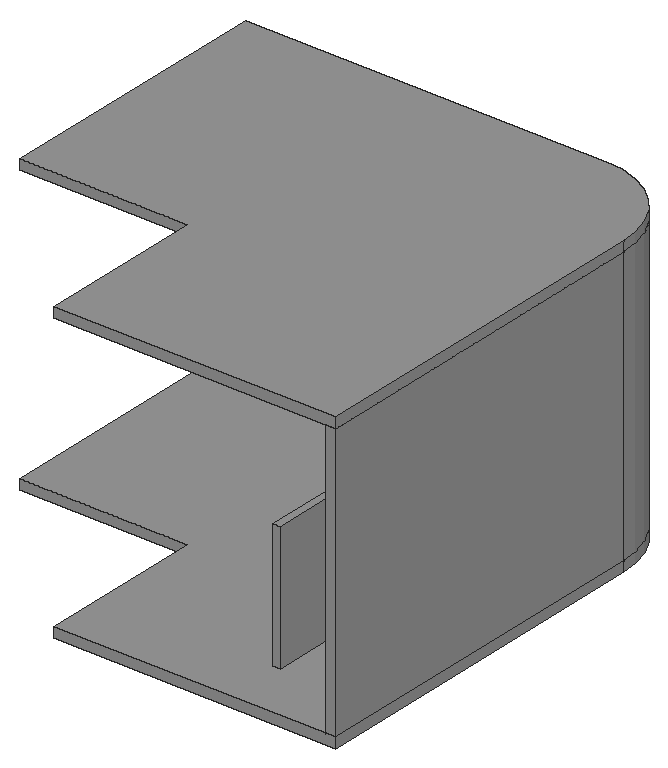
Revit family "Außeneckhaube WDK HA60060RW", category Generic Models, Revit 2017
Family settings
  Can host rebar = No
  Round Connector Dimension = Use Diameter
  Part Type = Normal
  Work Plane-Based = No
  Always vertical = Yes
  Cut with Voids When Loaded = No
  Shared = No
  Room Calculation Point = No
Parameters (values of type "WDK HA60060RW")
  Width = 60 mm
  URL = "http://www.obo-bettermann.com"
  Material = Polyvinylchlorid
  Manufacturer Art.No. = "6192319"
  Manufacturer = "OBO BETTERMANN"
  Height = 60 mm
  GTIN = "4012196360970"
  Article Type = "WDK HA60060RW"
Reference planes
  plane 1 "Center (Front/Back)": y = 0
  plane 2: z = 0
  plane 3 "Center (Left/Right)": x = 0
  plane 4: y = 100
  plane 5: x = 100
  plane 6: z = 65.9
  plane 7: z = 63.7
  plane 8: z = 32.9
  plane 9: y = 100
  plane 10: x = 100
  plane 11: y = 95.8
  plane 12: x = 7
  plane 13: x = -18.023
  plane 14: x = -10
  plane 15: z = 47.05
  plane 16: z = 18.75
  plane 17: through (0, 0, 1200) normal (-0.7071, 0.7071, 0)
  plane 18: y = -10
Forms (mm)
  Extrusion 1, solid, material "Polyvinylchlorid" <- "Material"
    sketch origin (0, 0, 0) x (1, 0, 0) y (0, 1, 0)
      loop
        line (0, 100) -> (0, 37.3) -> (37.3, 37.3) -> (37.3, 0) -> (100, 0) -> (100, 80)
        arc (100, 80) -> (94.142, 94.142) -> (80, 100) r 20
        line (80, 100) -> (0, 100)
    from 63.7 to 65.9
  Extrusion 2, solid, material "Polyvinylchlorid" <- "Material"
    sketch origin (0, 0, -65.9) x (0, -1, 0) y (1, 0, 0)
      loop
        line (-100, 0) -> (-37.3, 0) -> (-37.3, 37.3) -> (0, 37.3) -> (0, 100) -> (-80, 100)
        arc (-80, 100) -> (-94.142, 94.142) -> (-100, 80) r 20
        line (-100, 80) -> (-100, 0)
    from 68.1 to 65.9
  Extrusion 3, solid, material "Polyvinylchlorid" <- "Material"
    sketch origin (0, 0, 0) x (1, 0, 0) y (0, 1, 0)
      loop
        line (0, 100) -> (0, 97.8) -> (80, 97.8)
        arc (80, 97.8) -> (92.587, 92.587) -> (97.8, 80) r 17.8
        line (97.8, 80) -> (97.8, 0) -> (100, 0) -> (100, 80)
        arc (100, 80) -> (94.142, 94.142) -> (80, 100) r 20
        line (80, 100) -> (0, 100)
    from 2.2 to 63.7
  Extrusion 4, solid, material "Polyvinylchlorid" <- "Material"
    sketch origin (0, 0, 0) x (1, 0, 0) y (0, 1, 0)
      loop
        line (-10, 95.8) -> (-10, 94.1) -> (7.722, 94.1) -> (10.188, 96.654) -> (11.334, 97.8) -> (8.931, 97.8) -> (7, 95.8) -> (-10, 95.8)
    from 18.75 to 47.05
  Extrusion 5, solid, material "Polyvinylchlorid" <- "Material"
    sketch origin (0, 0, 0) x (0, 1, 0) y (-1, 0, 0)
      loop
        line (-10, -95.8) -> (7, -95.8) -> (8.931, -97.8) -> (11.334, -97.8) -> (10.188, -96.654) -> (7.722, -94.1) -> (-10, -94.1) -> (-10, -95.8)
    from 18.75 to 47.05
Dimensions and locks
  locked: Extrusion 1 sketch curve to Extrusion 1 sketch curve at 100  (x2)
  locked: Extrusion 1 sketch curve to Extrusion 1 sketch curve at 62.7  (x2)
  locked: Extrusion 1 to Extrusion 1 at 2.2
  locked: plane 6 to level at 65.9
  locked: plane 6 to plane 8 at 33
  locked: Extrusion 2 sketch curve to Extrusion 2 sketch curve at 100  (x2)
  locked: Extrusion 2 sketch curve to Extrusion 2 sketch curve at 62.7  (x2)
  locked: Extrusion 2 to Extrusion 2 at 2.2
  locked: Extrusion 3 sketch curve to Extrusion 1 at 2.2  (x2)
  locked: Extrusion 1 to Extrusion 2 at 65.9
  locked: Extrusion 1 to plane 12 at 7
  locked: plane 11 to Extrusion 3 at 2
  Extrusion 1 to Extrusion 4 sketch curve = 8.931 mm
  locked: plane 14 to plane 3 "Center (Left/Right)" at 10
  locked: Extrusion 4 sketch curve to Extrusion 4 sketch curve at 1.7
  locked: Extrusion 4 sketch curve to Extrusion 4 sketch curve at 21.334
  locked: plane 14 to Extrusion 4 sketch curve at 17
  locked: Extrusion 5 sketch curve to Extrusion 5 sketch curve at 1.7
  locked: Extrusion 5 sketch curve to Extrusion 5 sketch curve at 21.334
  locked: plane 18 to Extrusion 5 sketch curve at 17
  locked: plane 11 to Extrusion 4 sketch curve (angle 46.00°)
  aligned and locked: level to plane 2
  aligned and locked: Extrusion 1 sketch curve to plane 1 "Center (Front/Back)"
  aligned and locked: plane 1 "Center (Front/Back)" to Extrusion 1
  aligned and locked: Extrusion 1 to plane 3 "Center (Left/Right)"
  aligned and locked: plane 6 to Extrusion 1
  aligned and locked: Extrusion 1 to plane 7
  aligned and locked: Extrusion 2 to level
  aligned and locked: plane 1 "Center (Front/Back)" to Extrusion 2
  aligned and locked: Extrusion 3 sketch curve to Extrusion 1
  aligned and locked: plane 1 "Center (Front/Back)" to Extrusion 3 sketch curve
  aligned and locked: plane 1 "Center (Front/Back)" to Extrusion 3
  aligned and locked: Extrusion 3 to plane 3 "Center (Left/Right)"
  aligned and locked: Extrusion 3 to Extrusion 1
  aligned and locked: Extrusion 3 to Extrusion 2
  aligned and locked: plane 14 to Extrusion 4 sketch curve
  aligned and locked: Extrusion 4 sketch curve to plane 14
  aligned and locked: Extrusion 4 to Extrusion 3
  aligned and locked: Extrusion 4 to plane 16
  aligned and locked: plane 15 to Extrusion 4
  aligned and locked: Extrusion 5 sketch curve to plane 18
  aligned and locked: plane 18 to Extrusion 5 sketch curve
Automatic sketch dimensions
  Extrusion 1 sketch curve to plane 3 "Center (Left/Right)" = 0 mm
  Extrusion 1 sketch curve to plane 5 = 20 mm
  Extrusion 2 sketch curve to plane 9 = 0 mm
  Extrusion 2 sketch curve to plane 10 = 0 mm
  Extrusion 2 sketch curve to plane 11 = 15.8 mm
  Extrusion 3 sketch curve to Extrusion 3 sketch curve = 0 mm  (x2)
  Extrusion 3 sketch curve to plane 11 = 15.8 mm
  Extrusion 3 sketch curve to Extrusion 3 sketch curve = 2.2 mm
  Extrusion 4 sketch curve to plane 11 = 0 mm
  plane 12 to Extrusion 4 sketch curve = 0.722 mm
  plane 11 to Extrusion 4 sketch curve = 0.854 mm
  Extrusion 4 sketch curve to Extrusion 4 sketch curve = 1.146 mm
  Extrusion 5 sketch curve to Extrusion 5 sketch curve = 0.722 mm
  Extrusion 5 sketch curve to Extrusion 5 sketch curve = 2.403 mm
  Extrusion 5 sketch curve to Extrusion 5 sketch curve = 1.146 mm  (x2)
  Extrusion 5 sketch curve to plane 12 = 87.1 mm
  Extrusion 5 sketch curve to Extrusion 5 sketch curve = 0.854 mm
